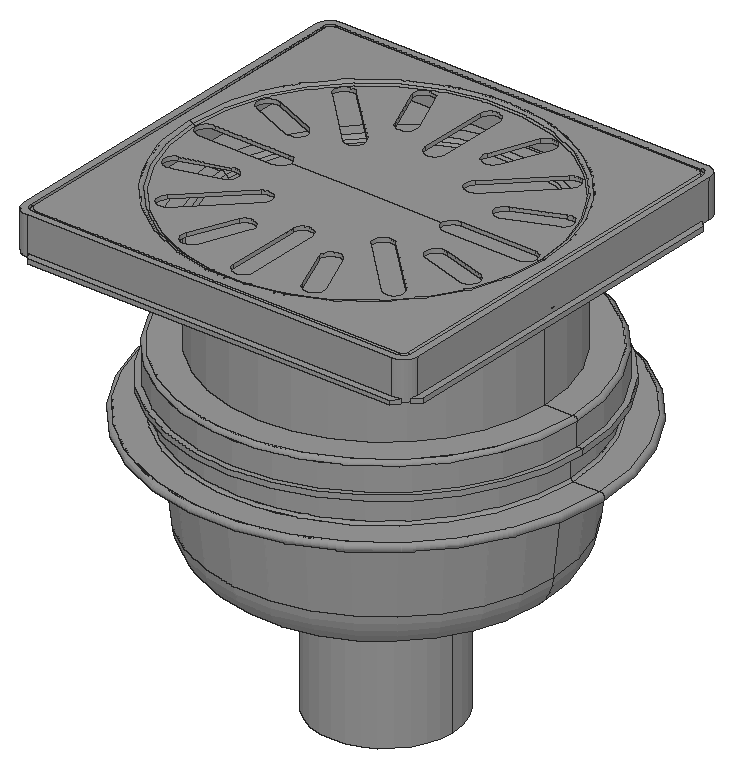
Revit family "NLRS_52_PF_UN_AV_Aquaberg vloerput 4015146_BCB", category Plumbing Fixtures, Revit 2017
Family settings
  Round Connector Dimension = Use Radius
  Part Type = Normal
  OmniClass Number = 23.45.00.00
  OmniClass Title = Sanitary, Laundry, and Cleaning Equipment
  Work Plane-Based = No
  Always vertical = Yes
  Cut with Voids When Loaded = Yes
  Shared = No
  Room Calculation Point = No
Parameters (values of type "4015146RA")
  URL = "https://www.aquaberg.nl/"
  NLRS_C_uitvoering = ""
  NLRS_C_type = "4015146RA"
  NLRS_C_serie = "Aquaberg 4015"
  NLRS_C_revit_versie = "2017"
  NLRS_C_revit_standaard = "NLRS 2.5.2"
  NLRS_C_radius = NLRS_C_diameter / 2  # 25 mm
  NLRS_C_omschrijving = "vloerput"
  NLRS_C_model = "4015"
  NLRS_C_merk = "Aquaberg"
  NLRS_C_materiaal_01 = NLRS_A_abs
  NLRS_C_materiaal = NLRS_A_rvs
  NLRS_C_lengte = 146 mm  # constant formula
  NLRS_C_hoogte_maximum [instance] = if(and(NLRS_C_hoogte < 89 mm), 89 mm, if(and(NLRS_C_hoogte > 119 mm), 119 mm, NLRS_C_hoogte))  # 119 mm
  NLRS_C_hoogte_03 [instance] = NLRS_C_hoogte - 49 mm  # 70 mm
  NLRS_C_hoogte_02 [instance] = if(and(NLRS_C_hoogte_03 < 40 mm), 50 mm, if(and(NLRS_C_hoogte_03 > 70 mm), 65 mm, NLRS_C_hoogte_03))  # 70 mm
  NLRS_C_hoogte [instance] = 119 mm
  NLRS_C_diameter = 50 mm
  NLRS_C_content_versie = "1.0"
  NLRS_C_content_datum_uitgifte = "2018-11"
  NLRS_C_content_datum_gewijzigd = "2018-11"
  NLRS_C_content_creator_URL = "https://bcb-online.nl/?zoekterm=Aquaberg"
  NLRS_C_content_creator = "BouwConnect"
  NLRS_C_breedte = 146 mm  # constant formula
  NLRS_C_aansluiting = "onderaansluiting"
  Model = "NLRS_C_model"  # constant formula
  Manufacturer = "NLRS_C_merk"  # constant formula
  IfcExportType = "IfcWasteTerminalType"
  IfcExportAs = "IfcFlowTerminal"
  Description = "NLRS_C_omschrijving"  # constant formula
Types (5, lengths in mm): name | NLRS_C_type
  (no name) | "4015146RA"
  4015146 | "4015146"
  4015146A | "4015146A"
  4015146R | "4015146R"
  4015146RA | "4015146RA"
Reference planes
  plane 1 "Center (Front/Back)": y = 0
  plane 2: z = 0
  plane 3 "Center (Left/Right)": x = 0
  plane 4: y = -81
  plane 5: y = -75.75
  plane 6: y = 81
  plane 7: y = 75.75
  plane 8: x = 70
  plane 9: x = 66
  plane 10: x = -82.75
  plane 11: x = -80
  plane 12: y = 73
  plane 13: y = -73
  plane 14: z = -14
  plane 15: z = -70
  plane 16: z = -119
  plane 17: x = -7
  plane 18: x = -71
  plane 19: x = 81
  plane 20: x = -81
  plane 21: x = 68.75
Forms (mm)
  Extrusion 1, solid, material "NLRS_A_rvs" <- "NLRS_C_materiaal"
    sketch origin (-7, 0, 0) x (1, 0, 0) y (0, 1, 0)
      loop
        line (-70.5, 67.5) -> (-70.5, -67.5)
        arc (-70.5, -67.5) -> (-69.621, -69.621) -> (-67.5, -70.5) r 3
        line (-67.5, -70.5) -> (67.546, -70.5)
        arc (67.546, -70.5) -> (69.667, -69.621) -> (70.546, -67.5) r 3
        line (70.546, -67.5) -> (70.546, 67.5)
        arc (70.546, 67.5) -> (69.667, 69.621) -> (67.546, 70.5) r 3
        line (67.546, 70.5) -> (-67.5, 70.5)
        arc (-67.5, 70.5) -> (-69.621, 69.621) -> (-70.5, 67.5) r 3
      loop
        arc (-67.5, 73) -> (-71.389, 71.389) -> (-73, 67.5) r 5.5
        line (-73, 67.5) -> (-73, -67.5)
        arc (-73, -67.5) -> (-71.389, -71.389) -> (-67.5, -73) r 5.5
        line (-67.5, -73) -> (67.5, -73)
        arc (67.5, -73) -> (71.389, -71.389) -> (73, -67.5) r 5.5
        line (73, -67.5) -> (73, 67.5)
        arc (73, 67.5) -> (71.389, 71.389) -> (67.5, 73) r 5.5
        line (67.5, 73) -> (-67.5, 73)
    from -14 to 0
  Extrusion 2, solid, material "NLRS_A_rvs" <- "NLRS_C_materiaal", detail levels medium+fine
    sketch origin (-7, 0, 0) x (1, 0, 0) y (0, 1, 0)
      loop
        line (-70.5, 67.5) -> (-70.5, -67.5)
        arc (-70.5, -67.5) -> (-69.621, -69.621) -> (-67.5, -70.5) r 3
        line (-67.5, -70.5) -> (67.5, -70.5)
        arc (67.5, -70.5) -> (69.621, -69.621) -> (70.5, -67.5) r 3
        line (70.5, -67.5) -> (70.5, 67.5)
        arc (70.5, 67.5) -> (69.621, 69.621) -> (67.5, 70.5) r 3
        line (67.5, 70.5) -> (-67.5, 70.5)
        arc (-67.5, 70.5) -> (-69.621, 69.621) -> (-70.5, 67.5) r 3
    from -14 to 0
  Extrusion 3, solid, material "NLRS_A_rvs" <- "NLRS_C_materiaal", detail levels medium+fine
    sketch origin (-7, 0, 0) x (1, 0, 0) y (0, 1, 0)
      loop
        line (-69.5, 73) -> (69.5, 73) -> (67.5, 75.75) -> (-67.5, 75.75) -> (-69.5, 73)
      loop
        line (71, -73) -> (-67, -73) -> (-65, -75.75) -> (69, -75.75) -> (71, -73)
      loop
        line (-73, -67.75) -> (-73, 69.5) -> (-75.75, 66.75) -> (-75.75, -65) -> (-73, -67.75)
      loop
        line (73, 63.86) -> (73, -71) -> (75.75, -68.25) -> (75.75, 61.11) -> (73, 63.86)
    from -14 to -12.5
  Revolve 4, void
    sketch origin (-7, 0, 0) x (1, 0, 0) y (0, 0, 1)
      loop
        arc (-66, 0) -> (-65.203, -0.179) -> (-64.543, -0.662) r 2
        arc (-64.543, -0.662) -> (-64.208, -0.912) -> (-63.8, -1) r 0.987
        line (-63.8, -1) -> (0, -1) -> (0, 0) -> (-66, 0)
      axis (0, 0) -> (0, -1)
    angle from 0 to 360
  Extrusion 5, void
    sketch origin (-7, 0, 0) x (1, 0, 0) y (0, 1, 0)
      loop
        arc (-67.5, 69) -> (-68.561, 68.561) -> (-69, 67.5) r 1.5
        line (-69, 67.5) -> (-69, -67.5)
        arc (-69, -67.5) -> (-68.561, -68.561) -> (-67.5, -69) r 1.5
        line (-67.5, -69) -> (67.5, -69)
        arc (67.5, -69) -> (68.561, -68.561) -> (69, -67.5) r 1.5
        line (69, -67.5) -> (69, 67.5)
        arc (69, 67.5) -> (68.561, 68.561) -> (67.5, 69) r 1.5
        line (67.5, 69) -> (-67.5, 69)
    from -14 to -2.3
  Extrusion 6, void
    sketch origin (-7, 0, 0) x (1, 0, 0) y (0, 1, 0)
      loop
        arc (3.75, 57.25) -> (0, 61) -> (-3.75, 57.25) r 3.75
        line (-3.75, 57.25) -> (-3.75, 31.75)
        arc (-3.75, 31.75) -> (0, 28) -> (3.75, 31.75) r 3.75
        line (3.75, 31.75) -> (3.75, 57.25)
      loop
        line (3.75, -57.25) -> (3.75, -29.75)
        arc (3.75, -29.75) -> (0, -26) -> (-3.75, -29.75) r 3.75
        line (-3.75, -29.75) -> (-3.75, -57.25)
        arc (-3.75, -57.25) -> (0, -61) -> (3.75, -57.25) r 3.75
      loop
        arc (59.25, -3.75) -> (63, 0) -> (59.25, 3.75) r 3.75
        line (59.25, 3.75) -> (31.75, 3.75)
        arc (31.75, 3.75) -> (28, 0) -> (31.75, -3.75) r 3.75
        line (31.75, -3.75) -> (59.25, -3.75)
      loop
        line (44.548, -37.244) -> (25.102, -17.799)
        arc (25.102, -17.799) -> (19.799, -17.799) -> (19.799, -23.102) r 3.75
        line (19.799, -23.102) -> (39.244, -42.548)
        arc (39.244, -42.548) -> (44.548, -42.548) -> (44.548, -37.244) r 3.75
      loop
        arc (44.548, 39.244) -> (44.548, 44.548) -> (39.244, 44.548) r 3.75
        line (39.244, 44.548) -> (19.799, 25.102)
        arc (19.799, 25.102) -> (19.799, 19.799) -> (25.102, 19.799) r 3.75
        line (25.102, 19.799) -> (44.548, 39.244)
      loop
        line (56.175, -17.209) -> (40.007, -12.512)
        arc (40.007, -12.512) -> (35.107, -14.542) -> (37.137, -19.442) r 3.75
        line (37.137, -19.442) -> (53.305, -24.139)
        arc (53.305, -24.139) -> (58.204, -22.109) -> (56.175, -17.209) r 3.75
      loop
        arc (26.139, 53.305) -> (24.109, 58.204) -> (19.209, 56.175) r 3.75
        line (19.209, 56.175) -> (12.512, 40.007)
        arc (12.512, 40.007) -> (14.542, 35.107) -> (19.442, 37.137) r 3.75
        line (19.442, 37.137) -> (26.139, 53.305)
      loop
        line (53.305, 26.139) -> (37.137, 19.442)
        arc (37.137, 19.442) -> (35.107, 14.542) -> (40.007, 12.512) r 3.75
        line (40.007, 12.512) -> (56.175, 19.209)
        arc (56.175, 19.209) -> (58.204, 24.109) -> (53.305, 26.139) r 3.75
      loop
        line (26.139, -51.305) -> (19.442, -35.137)
        arc (19.442, -35.137) -> (14.542, -33.107) -> (12.512, -38.007) r 3.75
        line (12.512, -38.007) -> (19.209, -54.175)
        arc (19.209, -54.175) -> (24.109, -56.204) -> (26.139, -51.305) r 3.75
      loop
        line (-59.25, -3.75) -> (-31.75, -3.75)
        arc (-31.75, -3.75) -> (-28, 0) -> (-31.75, 3.75) r 3.75
        line (-31.75, 3.75) -> (-59.25, 3.75)
        arc (-59.25, 3.75) -> (-63, 0) -> (-59.25, -3.75) r 3.75
      loop
        arc (-44.548, -37.244) -> (-44.548, -42.548) -> (-39.244, -42.548) r 3.75
        line (-39.244, -42.548) -> (-19.799, -23.102)
        arc (-19.799, -23.102) -> (-19.799, -17.799) -> (-25.102, -17.799) r 3.75
        line (-25.102, -17.799) -> (-44.548, -37.244)
      loop
        line (-44.548, 39.244) -> (-25.102, 19.799)
        arc (-25.102, 19.799) -> (-19.799, 19.799) -> (-19.799, 25.102) r 3.75
        line (-19.799, 25.102) -> (-39.244, 44.548)
        arc (-39.244, 44.548) -> (-44.548, 44.548) -> (-44.548, 39.244) r 3.75
      loop
        arc (-56.175, -17.209) -> (-58.204, -22.109) -> (-53.305, -24.139) r 3.75
        line (-53.305, -24.139) -> (-37.137, -19.442)
        arc (-37.137, -19.442) -> (-35.107, -14.542) -> (-40.007, -12.512) r 3.75
        line (-40.007, -12.512) -> (-56.175, -17.209)
      loop
        line (-26.139, 53.305) -> (-19.442, 37.137)
        arc (-19.442, 37.137) -> (-14.542, 35.107) -> (-12.512, 40.007) r 3.75
        line (-12.512, 40.007) -> (-19.209, 56.175)
        arc (-19.209, 56.175) -> (-24.109, 58.204) -> (-26.139, 53.305) r 3.75
      loop
        arc (-53.305, 26.139) -> (-58.204, 24.109) -> (-56.175, 19.209) r 3.75
        line (-56.175, 19.209) -> (-40.007, 12.512)
        arc (-40.007, 12.512) -> (-35.107, 14.542) -> (-37.137, 19.442) r 3.75
        line (-37.137, 19.442) -> (-53.305, 26.139)
      loop
        arc (-26.139, -51.305) -> (-24.109, -56.204) -> (-19.209, -54.175) r 3.75
        line (-19.209, -54.175) -> (-12.512, -38.007)
        arc (-12.512, -38.007) -> (-14.542, -33.107) -> (-19.442, -35.137) r 3.75
        line (-19.442, -35.137) -> (-26.139, -51.305)
    from -14 to 4
  Blend 7, solid, material "NLRS_A_rvs" <- "NLRS_C_materiaal", detail levels medium+fine
    base sketch origin (-266.297, 9.447, 0) x (1, 0, 0) y (0, 1, 0)
      loop
        arc (191.797, 63.553) -> (187.908, 61.942) -> (186.297, 58.053) r 5.5
        line (186.297, 58.053) -> (186.297, -76.947)
        arc (186.297, -76.947) -> (187.908, -80.836) -> (191.797, -82.447) r 5.5
        line (191.797, -82.447) -> (326.797, -82.447)
        arc (326.797, -82.447) -> (330.686, -80.836) -> (332.297, -76.947) r 5.5
        line (332.297, -76.947) -> (332.297, 58.053)
        arc (332.297, 58.053) -> (330.686, 61.942) -> (326.797, 63.553) r 5.5
        line (326.797, 63.553) -> (191.797, 63.553)
    top sketch origin (-266.297, 9.447, 0) x (1, 0, 0) y (0, 1, 0)
      loop
        arc (199.297, 52.553) -> (197.883, 51.967) -> (197.297, 50.553) r 2
        line (197.297, 50.553) -> (197.297, -69.447)
        arc (197.297, -69.447) -> (197.883, -70.862) -> (199.297, -71.447) r 2
        line (199.297, -71.447) -> (323.297, -71.447)
        arc (323.297, -71.447) -> (324.711, -70.862) -> (325.297, -69.447) r 2
        line (325.297, -69.447) -> (325.297, 50.553)
        arc (325.297, 50.553) -> (324.711, 51.967) -> (323.297, 52.553) r 2
        line (323.297, 52.553) -> (199.297, 52.553)
    from -14 to -17.5
  Revolve 8, solid, material "NLRS_A_abs" <- "NLRS_C_materiaal_01"
    sketch origin (0, 0, 0) x (1, 0, 0) y (0, 0, 1)
      loop
        line (59, -70) -> (59, -19.682)
        arc (59, -19.682) -> (59.397, -17.816) -> (60.464, -16.235) r 5
        line (60.464, -16.235) -> (61.82, -14.879)
        arc (61.82, -14.879) -> (62.793, -14.228) -> (63.941, -14) r 3
        line (63.941, -14) -> (65.979, -14) -> (65.979, -12.5) -> (61.084, -12.5)
        arc (61.084, -12.5) -> (60.042, -12.707) -> (59.158, -13.298) r 2.723
        line (59.158, -13.298) -> (57.19, -15.266)
        arc (57.19, -15.266) -> (55.903, -17.296) -> (55.604, -19.682) r 5.5
        line (55.604, -19.682) -> (55.604, -70) -> (59, -70)
      axis (0, -12.5) -> (0, -70)
    angle from 0 to 360
  Revolve 9, solid, material "NLRS_A_abs" <- "NLRS_C_materiaal_01", detail levels medium+fine
    sketch origin (0, 0, 0) x (1, 0, 0) y (0, 0, 1)
      loop
        line (-73, -60) -> (-68.5, -60) -> (-68.5, -50.5) -> (-64, -50.5) -> (-64, -60) -> (-59, -60) -> (-59, -48) -> (-69.5, -48)
        arc (-69.5, -48) -> (-70.561, -48.439) -> (-71, -49.5) r 1.5
        line (-71, -49.5) -> (-71, -58) -> (-73, -58) -> (-73, -60)
      axis (0, -48) -> (0, -60)
    angle from 0 to 360
  Revolve 10, solid, material "NLRS_A_abs" <- "NLRS_C_materiaal_01", detail levels medium+fine
    sketch origin (0, 0, 0) x (1, 0, 0) y (0, 0, 1)
      loop
        arc (-68.5, -69) -> (-68.793, -69.707) -> (-69.5, -70) r 1
        line (-69.5, -70) -> (-79.5, -70)
        arc (-79.5, -70) -> (-81, -71.5) -> (-79.5, -73) r 1.5
        line (-79.5, -73) -> (-67, -73)
        arc (-67, -73) -> (-66.309, -73.278) -> (-66.001, -73.956) r 1
        line (-66.001, -73.956) -> (-62.439, -104.394)
        arc (-62.439, -104.394) -> (-57.309, -114.796) -> (-46.5, -119) r 16
        line (-46.5, -119) -> (-38, -119)
        arc (-38, -119) -> (-31.934, -117.805) -> (-26.773, -114.4) r 16
        arc (-26.773, -114.4) -> (-25.595, -114.382) -> (-25, -115.4) r 1.169
        line (-25, -115.4) -> (-25, -169) -> (-21.3, -169) -> (-21.3, -57.5) -> (-26.042, -57.5) -> (-26.042, -104)
        arc (-26.042, -104) -> (-29.876, -111.832) -> (-38, -115) r 12
        line (-38, -115) -> (-46.5, -115)
        arc (-46.5, -115) -> (-54.607, -111.847) -> (-58.454, -104.046) r 12
        line (-58.454, -104.046) -> (-62.94, -70.013)
        arc (-62.94, -70.013) -> (-63.665, -69.712) -> (-63.965, -68.988) r 1.025
        line (-63.965, -68.988) -> (-63.965, -52.5) -> (-68.5, -52.5) -> (-68.5, -69)
      axis (0, -52.5) -> (0, -169)
    angle from 0 to 360
  Extrusion 11, void
    sketch origin (-7, 0, 0) x (1, 0, 0) y (0, 1, 0)
      loop
        arc (-67.5, 73) -> (-71.389, 71.389) -> (-73, 67.5) r 5.5
        line (-73, 67.5) -> (-73, -67.5)
        arc (-73, -67.5) -> (-71.389, -71.389) -> (-67.5, -73) r 5.5
        line (-67.5, -73) -> (67.5, -73)
        arc (67.5, -73) -> (71.389, -71.389) -> (73, -67.5) r 5.5
        line (73, -67.5) -> (73, 67.5)
        arc (73, 67.5) -> (71.389, 71.389) -> (67.5, 73) r 5.5
        line (67.5, 73) -> (-67.5, 73)
    from -12.5 to 4
  Extrusion 12, solid, material "NLRS_A_rvs" <- "NLRS_C_materiaal", detail levels coarse
    sketch origin (-7, 0, 0) x (1, 0, 0) y (0, 1, 0)
      loop
        line (-70.5, 67.5) -> (-70.5, -67.5)
        arc (-70.5, -67.5) -> (-69.621, -69.621) -> (-67.5, -70.5) r 3
        line (-67.5, -70.5) -> (67.5, -70.5)
        arc (67.5, -70.5) -> (69.621, -69.621) -> (70.5, -67.5) r 3
        line (70.5, -67.5) -> (70.5, 67.5)
        arc (70.5, 67.5) -> (69.621, 69.621) -> (67.5, 70.5) r 3
        line (67.5, 70.5) -> (-67.5, 70.5)
        arc (-67.5, 70.5) -> (-69.621, 69.621) -> (-70.5, 67.5) r 3
    from -14 to 0
  Revolve 13, solid, material "NLRS_A_abs" <- "NLRS_C_materiaal_01", detail levels coarse
    sketch origin (0, 0, 0) x (1, 0, 0) y (0, 0, 1)
      loop
        line (-71, -60) -> (-59, -60) -> (-59, -48) -> (-71, -48) -> (-71, -60)
      axis (0, -48) -> (0, -60)
    angle from 0 to 360
  Revolve 14, solid, material "NLRS_A_abs" <- "NLRS_C_materiaal_01", detail levels coarse
    sketch origin (0, 0, 0) x (1, 0, 0) y (0, 0, 1)
      loop
        line (0, -70) -> (-81, -70) -> (-81, -73) -> (-66.139, -73) -> (-60.32, -119) -> (-24.995, -119) -> (-24.995, -169) -> (0, -169) -> (0, -70)
      axis (0, -70) -> (0, -169)
    angle from 0 to 360
  Revolve 15, solid, material "NLRS_A_abs" <- "NLRS_C_materiaal_01", detail levels medium+fine
    sketch origin (0, 0, 0) x (1, 0, 0) y (0, 0, 1)
      loop
        line (0, -46) -> (0, -44) -> (-5.5, -44) -> (-6.116, -42.459)
        arc (-6.116, -42.459) -> (-6.385, -42.126) -> (-6.794, -42) r 0.73
        line (-6.794, -42) -> (-10.3, -42) -> (-37.035, -43.416)
        arc (-37.035, -43.416) -> (-42.368, -45.849) -> (-44.61, -51.265) r 8
        line (-44.61, -51.265) -> (-45.55, -105) -> (-43.55, -105) -> (-43.55, -95) -> (-34.423, -95)
        arc (-34.423, -95) -> (-31.985, -94.171) -> (-30.557, -92.027) r 4
        line (-30.557, -92.027) -> (-27.55, -80.71) -> (-26.788, -56.167)
        arc (-26.788, -56.167) -> (-26.401, -55.29) -> (-25.512, -54.93) r 1.277
        line (-25.512, -54.93) -> (-23.18, -54.93)
        arc (-23.18, -54.93) -> (-22.261, -54.549) -> (-21.88, -53.63) r 1.3
        line (-21.88, -53.63) -> (-21.88, -45.428)
        arc (-21.88, -45.428) -> (-21.606, -44.74) -> (-20.933, -44.43) r 1
        line (-20.933, -44.43) -> (-7.567, -43.722) -> (-6.656, -46) -> (0, -46)
      axis (0, -42) -> (0, -105)
    angle from 0 to 360
  Sweep 16, void
    path origin (-400, 0, 0) x (1, 0, 0) y (0, 1, 0)
      loop
        line (322.5, 67.5) -> (322.5, -67.5)
        arc (322.5, -67.5) -> (323.379, -69.621) -> (325.5, -70.5) r 3
        line (325.5, -70.5) -> (460.5, -70.5)
        arc (460.5, -70.5) -> (462.621, -69.621) -> (463.5, -67.5) r 3
        line (463.5, -67.5) -> (463.5, 67.5)
        arc (463.5, 67.5) -> (462.621, 69.621) -> (460.5, 70.5) r 3
        line (460.5, 70.5) -> (325.5, 70.5)
        arc (325.5, 70.5) -> (323.379, 69.621) -> (322.5, 67.5) r 3
    profile origin (-77.5, 0, 0) x (1, 0, 0) y (0, 0, 1)
      loop
        arc (0, -1.124) -> (0.457, -0.457) -> (1.124, 0) r 2.2
        line (1.124, 0) -> (0, 0) -> (0, -1.124)
Cuts and joins
  Revolve 4, Extrusion 5, Extrusion 6, Sweep 16 cuts Extrusion 2
Dimensions and locks
  equal spacing: plane 6, plane 1 "Center (Front/Back)", plane 4
  plane 6 to plane 4 = 162 mm
  equal spacing: plane 7, plane 1 "Center (Front/Back)", plane 5
  plane 7 to plane 5 = 151.5 mm
  "NLRS_C_hoogte_maximum": level to plane 16
  "NLRS_C_hoogte_02": level to plane 15
  locked: Extrusion 3 to Blend 7 at 3.5
  Revolve 9 sketch curve to Revolve 9 sketch curve to plane 15 = 9.5 mm locked, 10 mm locked
  Revolve 9 sketch curve to Revolve 9 sketch curve to Revolve 9 sketch curve to plane 15 = 10 mm locked, 2 mm locked, 10 mm locked
  locked: Revolve 10 sketch curve to plane 15 at 17.5
  locked: level to plane 14 at 14
  locked: Revolve 10 sketch curve to Revolve 10 sketch curve at 3
  locked: Revolve 14 sketch curve to Revolve 14 sketch curve at 3
  plane 3 "Center (Left/Right)" to plane 18 = 71 mm
  plane 20 to plane 19 = 162 mm
  equal spacing: plane 20, plane 3 "Center (Left/Right)", plane 19
  locked: Revolve 10 sketch curve to Revolve 10 sketch curve at 5
  equal spacing: plane 11, plane 17, plane 9
  "NLRS_C_lengte": plane 11 to plane 9
  "NLRS_C_breedte": plane 12 to plane 13
  equal spacing: plane 13, plane 1 "Center (Front/Back)", plane 12
  equal spacing: plane 10, plane 17, plane 21
  plane 10 to plane 21 = 151.5 mm
  Extrusion 5 sketch curve to Extrusion 5 sketch curve = 138 mm
  locked: plane 16 to Revolve 14 at 50
  radius of Revolve 9 sketch curve = 1.5 mm
  aligned and locked: level to plane 2
  aligned and locked: Extrusion 1 to plane 14
  aligned and locked: level to Extrusion 1
  aligned and locked: plane 14 to Blend 7
  aligned and locked: plane 2 to Extrusion 1
  aligned and locked: Extrusion 3 to Extrusion 1
  aligned and locked: Extrusion 1 to cut or joined group of Extrusion 2, Revolve 4, Extrusion 5, Extrusion 6, Sweep 16
  aligned and locked: level to Extrusion 2
  aligned and locked: Extrusion 2 to plane 14
  aligned and locked: Revolve 14 to plane 16
  aligned and locked: plane 15 to Revolve 8
Automatic sketch dimensions
  Extrusion 5 sketch curve to Extrusion 5 sketch curve = 1.5 mm  (x3)
  plane 13 to Extrusion 5 sketch curve = 4 mm
  plane 12 to Extrusion 5 sketch curve = 5.5 mm
  Blend 7 sketch curve to plane 11 = 11 mm
  Blend 7 sketch curve to Blend 7 sketch curve = 2 mm  (x3)
  plane 13 to Blend 7 sketch curve = 11 mm
  plane 12 to Blend 7 sketch curve = 13 mm
  plane 12 to Extrusion 11 sketch curve = 0 mm
  Extrusion 11 sketch curve to plane 13 = 0 mm
  plane 13 to Extrusion 12 sketch curve = 2.5 mm
  plane 12 to Extrusion 12 sketch curve = 5.5 mm
  Extrusion 5 sketch curve to Extrusion 5 sketch curve = 135 mm
  Blend 7 sketch curve to Blend 7 sketch curve = 124 mm  (x2)
  Extrusion 11 sketch curve to Extrusion 11 sketch curve = 135 mm  (x2)
  Extrusion 11 sketch curve to Extrusion 11 sketch curve = 5.5 mm
  Extrusion 12 sketch curve to Extrusion 12 sketch curve = 135 mm  (x2)
  Extrusion 12 sketch curve to Extrusion 12 sketch curve = 3 mm  (x3)
  Extrusion 11 sketch curve to plane 11 = 0 mm
  Extrusion 5 sketch curve to plane 20 = 5 mm
  plane 9 to Extrusion 11 sketch curve = 0 mm
  Extrusion 11 sketch curve to plane 20 = 6.5 mm
  Extrusion 12 sketch curve to plane 20 = 3.5 mm
  Revolve 4 sketch curve to level = 0 mm  (x2)
  Revolve 4 sketch curve to level = 2 mm
  Revolve 4 sketch curve to plane 19 = 154.03 mm
  Revolve 4 sketch curve to Revolve 4 sketch curve = 0.03 mm
  Revolve 4 sketch curve to level = 1 mm
  Revolve 4 sketch curve to Revolve 4 sketch curve = 2.2 mm
  Revolve 4 sketch curve to Revolve 4 sketch curve = 63.8 mm
  Revolve 4 sketch curve to level = 0.013 mm
  Revolve 4 sketch curve to Revolve 4 sketch curve = 0 mm
  Revolve 4 sketch curve to Revolve 4 sketch curve = 0.2 mm
  Revolve 8 sketch curve to plane 3 "Center (Left/Right)" = 0 mm
  Revolve 8 sketch curve to plane 15 = 0 mm
  Revolve 8 sketch curve to plane 14 = 0 mm
  Revolve 8 sketch curve to plane 9 = 10.396 mm
  Revolve 8 sketch curve to plane 14 = 1.266 mm
  Revolve 8 sketch curve to Revolve 8 sketch curve = 1.586 mm
  Revolve 8 sketch curve to Revolve 8 sketch curve = 3.396 mm
  plane 14 to Revolve 8 sketch curve = 0.702 mm
  Revolve 8 sketch curve to Revolve 8 sketch curve = 1.968 mm
  Revolve 8 sketch curve to plane 14 = 2.235 mm
  Revolve 8 sketch curve to Revolve 8 sketch curve = 1.306 mm
  Revolve 8 sketch curve to Revolve 8 sketch curve = 2.079 mm
  plane 14 to Revolve 8 sketch curve = 1.5 mm
  Revolve 8 sketch curve to Revolve 8 sketch curve = 1.926 mm
  Revolve 8 sketch curve to plane 14 = 0.879 mm
  Revolve 8 sketch curve to Revolve 8 sketch curve = 0.736 mm
  Revolve 8 sketch curve to Revolve 8 sketch curve = 2.121 mm
  Revolve 8 sketch curve to Revolve 8 sketch curve = 0.058 mm
  Revolve 8 sketch curve to Revolve 8 sketch curve = 2.038 mm
  Revolve 8 sketch curve to Revolve 8 sketch curve = 2.77 mm
  Revolve 8 sketch curve to Revolve 8 sketch curve = 0 mm
  Revolve 8 sketch curve to plane 15 = 6.614 mm
  level to Revolve 8 sketch curve = 3.386 mm
  Revolve 9 sketch curve to plane 18 = 0 mm
  Revolve 9 sketch curve to plane 3 "Center (Left/Right)" = 0 mm
  Revolve 9 sketch curve to plane 18 = 2 mm
  Revolve 9 sketch curve to Revolve 9 sketch curve = 1 mm
  Revolve 9 sketch curve to Revolve 9 sketch curve = 4.5 mm
  Revolve 9 sketch curve to Revolve 9 sketch curve = 5 mm
  Revolve 9 sketch curve to plane 15 = 2.728 mm
  level to Revolve 9 sketch curve = 15 mm
  Revolve 10 sketch curve to Revolve 10 sketch curve = 0 mm  (x4)
  Revolve 10 sketch curve to plane 15 = 0 mm
  Revolve 10 sketch curve to plane 16 = 0 mm
  Revolve 10 sketch curve to plane 3 "Center (Left/Right)" = 0 mm
  Revolve 10 sketch curve to plane 17 = 14.3 mm
  Revolve 10 sketch curve to Revolve 10 sketch curve = 3.7 mm
  Revolve 10 sketch curve to Revolve 10 sketch curve = 1.042 mm
  Revolve 10 sketch curve to Revolve 10 sketch curve = 1.169 mm
  Revolve 10 sketch curve to Revolve 10 sketch curve = 11.958 mm
  Revolve 10 sketch curve to Revolve 10 sketch curve = 8.5 mm
  Revolve 10 sketch curve to Revolve 10 sketch curve = 11.954 mm
  Revolve 10 sketch curve to Revolve 10 sketch curve = 3.985 mm
  plane 15 to Revolve 10 sketch curve = 1.012 mm
  plane 18 to Revolve 10 sketch curve = 8.06 mm
  Revolve 10 sketch curve to Revolve 10 sketch curve = 1.025 mm
  Revolve 10 sketch curve to Revolve 10 sketch curve = 3.061 mm
  Revolve 10 sketch curve to Revolve 10 sketch curve = 0.999 mm
  plane 15 to Revolve 10 sketch curve = 1 mm
  plane 18 to Revolve 10 sketch curve = 2.5 mm
  Revolve 10 sketch curve to plane 11 = 0.5 mm
  Revolve 10 sketch curve to plane 16 = 50 mm
  plane 16 to Revolve 10 sketch curve = 3.6 mm
  Revolve 10 sketch curve to Revolve 10 sketch curve = 4 mm
  plane 16 to Revolve 10 sketch curve = 14.606 mm
  Revolve 10 sketch curve to Revolve 10 sketch curve = 11.4 mm
  Revolve 10 sketch curve to Revolve 10 sketch curve = 1 mm
  Revolve 10 sketch curve to plane 16 = 10.111 mm
  Revolve 10 sketch curve to plane 14 = 11.361 mm
  Revolve 13 sketch curve to plane 18 = 0 mm
  Revolve 13 sketch curve to plane 3 "Center (Left/Right)" = 0 mm
  Revolve 13 sketch curve to Revolve 13 sketch curve = 12 mm  (x2)
  plane 15 to Revolve 13 sketch curve = 10 mm
  plane 15 to Revolve 13 sketch curve = 9.872 mm
  level to Revolve 13 sketch curve = 7.594 mm
  Revolve 14 sketch curve to plane 15 = 0 mm
  plane 20 to Revolve 14 sketch curve = 0 mm
  Revolve 14 sketch curve to plane 16 = 0 mm
  Revolve 14 sketch curve to plane 3 "Center (Left/Right)" = 0 mm  (x2)
  plane 18 to Revolve 14 sketch curve = 4.861 mm
  plane 18 to Revolve 14 sketch curve = 10.68 mm
  Revolve 14 sketch curve to plane 17 = 17.995 mm
  Revolve 14 sketch curve to plane 16 = 50 mm
  Revolve 14 sketch curve to plane 16 = 10.989 mm
  level to Revolve 14 sketch curve = 11.011 mm
  Revolve 15 sketch curve to plane 3 "Center (Left/Right)" = 0 mm  (x2)
  plane 17 to Revolve 15 sketch curve = 1.5 mm
  plane 17 to Revolve 15 sketch curve = 0.884 mm
  plane 17 to Revolve 15 sketch curve = 0.344 mm
  plane 17 to Revolve 15 sketch curve = 0.206 mm
  Revolve 15 sketch curve to plane 17 = 0.567 mm
  Revolve 15 sketch curve to Revolve 15 sketch curve = 2.733 mm
  Revolve 15 sketch curve to Revolve 15 sketch curve = 10.58 mm
  Revolve 15 sketch curve to Revolve 15 sketch curve = 0.053 mm
  Revolve 15 sketch curve to Revolve 15 sketch curve = 1 mm
  Revolve 15 sketch curve to Revolve 15 sketch curve = 1.3 mm
  Revolve 15 sketch curve to Revolve 15 sketch curve = 2.332 mm
  plane 15 to Revolve 15 sketch curve = 13.833 mm
  Revolve 15 sketch curve to Revolve 15 sketch curve = 1.276 mm
  Revolve 15 sketch curve to plane 17 = 20.55 mm
  Revolve 15 sketch curve to Revolve 15 sketch curve = 3.007 mm
  Revolve 15 sketch curve to Revolve 15 sketch curve = 3.866 mm
  Revolve 15 sketch curve to Revolve 15 sketch curve = 9.823 mm
  Revolve 15 sketch curve to Revolve 15 sketch curve = 0.423 mm
  Revolve 15 sketch curve to Revolve 15 sketch curve = 9.127 mm
  Revolve 15 sketch curve to Revolve 15 sketch curve = 7.999 mm
  Revolve 15 sketch curve to Revolve 15 sketch curve = 2 mm  (x2)
  Revolve 15 sketch curve to Revolve 15 sketch curve = 0.04 mm
  Revolve 15 sketch curve to plane 15 = 10.71 mm
  Revolve 15 sketch curve to Revolve 15 sketch curve = 10.29 mm
  Revolve 15 sketch curve to Revolve 15 sketch curve = 1.027 mm
  Revolve 15 sketch curve to Revolve 15 sketch curve = 10 mm
  Revolve 15 sketch curve to Revolve 15 sketch curve = 4.763 mm
  Revolve 15 sketch curve to Revolve 15 sketch curve = 0.14 mm
  Revolve 15 sketch curve to Revolve 15 sketch curve = 7.63 mm
  Revolve 15 sketch curve to Revolve 15 sketch curve = 8.202 mm
  Revolve 15 sketch curve to Revolve 15 sketch curve = 0.278 mm
  Revolve 15 sketch curve to Revolve 15 sketch curve = 0.992 mm
  Revolve 15 sketch curve to Revolve 15 sketch curve = 0.271 mm
  plane 15 to Revolve 15 sketch curve = 3.514 mm
  Revolve 15 sketch curve to Revolve 15 sketch curve = 11.908 mm
  Extrusion 3 sketch curve to plane 10 = 0 mm
  Extrusion 3 sketch curve to plane 11 = 0 mm
  plane 12 to Extrusion 3 sketch curve = 0 mm
  plane 7 to Extrusion 3 sketch curve = 0 mm
  Extrusion 3 sketch curve to plane 13 = 0 mm
  Extrusion 3 sketch curve to plane 5 = 0 mm
  Extrusion 3 sketch curve to plane 9 = 0 mm
  Extrusion 3 sketch curve to plane 21 = 0 mm
  Extrusion 3 sketch curve to plane 11 = 3.5 mm
  Extrusion 3 sketch curve to Extrusion 3 sketch curve = 2 mm  (x2)
  Extrusion 3 sketch curve to plane 18 = 3 mm
  Extrusion 3 sketch curve to plane 18 = 1 mm
  Extrusion 3 sketch curve to plane 9 = 5.5 mm
  Extrusion 3 sketch curve to plane 9 = 4 mm
  Extrusion 3 sketch curve to plane 9 = 2 mm
  plane 13 to Extrusion 3 sketch curve = 2 mm
  Extrusion 3 sketch curve to Extrusion 3 sketch curve = 2.75 mm  (x3)
  plane 13 to Extrusion 3 sketch curve = 5.25 mm
  plane 12 to Extrusion 3 sketch curve = 11.89 mm
  plane 12 to Extrusion 3 sketch curve = 6.25 mm
  plane 12 to Extrusion 3 sketch curve = 3.5 mm
  Extrusion 1 sketch curve to Extrusion 1 sketch curve = 0 mm  (x7)
  Extrusion 1 sketch curve to Extrusion 1 sketch curve = 0.046 mm  (x2)
  Extrusion 1 sketch curve to plane 11 = 0 mm
  Extrusion 1 sketch curve to plane 13 = 0 mm
  plane 12 to Extrusion 1 sketch curve = 0 mm
  Extrusion 1 sketch curve to plane 9 = 0 mm
  Extrusion 1 sketch curve to Extrusion 1 sketch curve = 3 mm  (x2)
  Extrusion 1 sketch curve to plane 18 = 3.5 mm
  Extrusion 1 sketch curve to plane 9 = 5.5 mm
  Blend 7 sketch curve to plane 11 = 0 mm
  Blend 7 sketch curve to plane 13 = 0 mm
  plane 12 to Blend 7 sketch curve = 0 mm
  Blend 7 sketch curve to plane 9 = 0 mm
  Blend 7 sketch curve to plane 11 = 5.5 mm
  Blend 7 sketch curve to plane 18 = 3.5 mm
  Blend 7 sketch curve to plane 9 = 5.5 mm  (x2)
  plane 1 "Center (Front/Back)" to Extrusion 6 sketch curve = 0 mm  (x2)
  plane 1 "Center (Front/Back)" to Extrusion 6 sketch curve = 3.75 mm  (x2)
  Extrusion 6 sketch curve to plane 19 = 147.25 mm
  Extrusion 6 sketch curve to plane 1 "Center (Front/Back)" = 19.209 mm  (x2)
  Extrusion 6 sketch curve to Extrusion 6 sketch curve = 3.075 mm  (x3)
  plane 1 "Center (Front/Back)" to Extrusion 6 sketch curve = 17.209 mm  (x2)
  Extrusion 6 sketch curve to Extrusion 6 sketch curve = 1.435 mm  (x16)
  Extrusion 6 sketch curve to plane 1 "Center (Front/Back)" = 26.139 mm  (x2)
  plane 1 "Center (Front/Back)" to Extrusion 6 sketch curve = 24.139 mm  (x2)
  plane 12 to Extrusion 6 sketch curve = 33.756 mm  (x2)
  Extrusion 6 sketch curve to Extrusion 6 sketch curve = 8.757 mm  (x4)
  plane 13 to Extrusion 6 sketch curve = 35.756 mm  (x2)
  Extrusion 6 sketch curve to Extrusion 6 sketch curve = 2.652 mm  (x16)
  plane 1 "Center (Front/Back)" to Extrusion 6 sketch curve = 12.512 mm  (x2)
  Extrusion 6 sketch curve to Extrusion 6 sketch curve = 16.168 mm  (x2)
  Extrusion 6 sketch curve to plane 1 "Center (Front/Back)" = 12.512 mm  (x2)
  plane 13 to Extrusion 6 sketch curve = 30.452 mm  (x2)
  plane 12 to Extrusion 6 sketch curve = 28.452 mm  (x2)
  plane 1 "Center (Front/Back)" to Extrusion 6 sketch curve = 19.442 mm  (x2)
  Extrusion 6 sketch curve to plane 1 "Center (Front/Back)" = 19.442 mm  (x2)
  Extrusion 6 sketch curve to Extrusion 6 sketch curve = 8.257 mm  (x3)
  plane 13 to Extrusion 6 sketch curve = 21.695 mm  (x2)
  Extrusion 6 sketch curve to Extrusion 6 sketch curve = 13.106 mm  (x4)
  plane 12 to Extrusion 6 sketch curve = 19.695 mm  (x2)
  plane 1 "Center (Front/Back)" to Extrusion 6 sketch curve = 17.799 mm  (x2)
  Extrusion 6 sketch curve to Extrusion 6 sketch curve = 12.035 mm  (x4)
  Extrusion 6 sketch curve to plane 1 "Center (Front/Back)" = 19.799 mm  (x2)
  Extrusion 6 sketch curve to Extrusion 6 sketch curve = 3.465 mm  (x16)
  plane 1 "Center (Front/Back)" to Extrusion 6 sketch curve = 23.102 mm  (x2)
  Extrusion 6 sketch curve to plane 1 "Center (Front/Back)" = 25.102 mm  (x2)
  plane 1 "Center (Front/Back)" to Extrusion 6 sketch curve = 35.137 mm  (x2)
  Extrusion 6 sketch curve to Extrusion 6 sketch curve = 0.357 mm  (x4)
  plane 12 to Extrusion 6 sketch curve = 35.863 mm  (x2)
  plane 12 to Extrusion 6 sketch curve = 16.825 mm  (x2)
  plane 13 to Extrusion 6 sketch curve = 18.825 mm  (x2)
  plane 12 to Extrusion 6 sketch curve = 32.993 mm  (x2)
  plane 13 to Extrusion 6 sketch curve = 34.993 mm  (x2)
  Extrusion 6 sketch curve to Extrusion 6 sketch curve = 15.459 mm  (x3)
  Extrusion 6 sketch curve to Extrusion 6 sketch curve = 8.762 mm  (x3)
  Extrusion 6 sketch curve to Extrusion 6 sketch curve = 3.75 mm  (x2)
  Extrusion 6 sketch curve to Extrusion 6 sketch curve = 6.648 mm
  plane 13 to Extrusion 6 sketch curve = 15.75 mm
  Extrusion 6 sketch curve to Extrusion 6 sketch curve = 1.075 mm
  Extrusion 1 sketch curve to Extrusion 1 sketch curve = 2.5 mm
  plane 13 to Extrusion 2 sketch curve = 5.5 mm  (x2)
  Extrusion 2 sketch curve to plane 19 = 158.5 mm
  plane 13 to Extrusion 2 sketch curve = 2.5 mm
  plane 12 to Extrusion 2 sketch curve = 2.5 mm
  Extrusion 2 sketch curve to Extrusion 2 sketch curve = 3 mm  (x2)
  Extrusion 2 sketch curve to Extrusion 2 sketch curve = 135 mm
  plane 12 to Sweep 16 sketch curve = 5.5 mm
  Sweep 16 sketch curve to plane 19 = 158.5 mm
  Sweep 16 sketch curve to Sweep 16 sketch curve = 3 mm  (x4)
  plane 13 to Sweep 16 sketch curve = 5.5 mm
  Sweep 16 sketch curve to Sweep 16 sketch curve = 135 mm
  Sweep 16 sketch curve to profile plane = 0 mm
  Sweep 16 sketch curve to Sweep 16 sketch curve = 1.124 mm
  Sweep 16 sketch curve to Sweep 16 sketch curve = 2.013 mm
  Sweep 16 sketch curve to level = 2.013 mm
  Sweep 16 sketch curve to Sweep 16 sketch curve = 0.888 mm
Connectors
  piping at (0, 0, -169), diameter 50, driven by "NLRS_C_radius"
    settings: on Revolve 10, index 1, connector inside diameter 609.6 mm, connector length 0 mm, flow factor 0, pipe flow 0.0 L/s, pressure drop 0.0 Pa, fitting loss kfactor 0, connector angle 0.00°, fixture units 0, engagement length 0 mm, angle of deflection 0.00°, flow configuration 0, flow direction 0, fitting loss method 0, system type 19, joint type 0, gender type 0, connector reference index -1, connector utility 0, adjustable connector no, is connector primary yes, connector description ""
